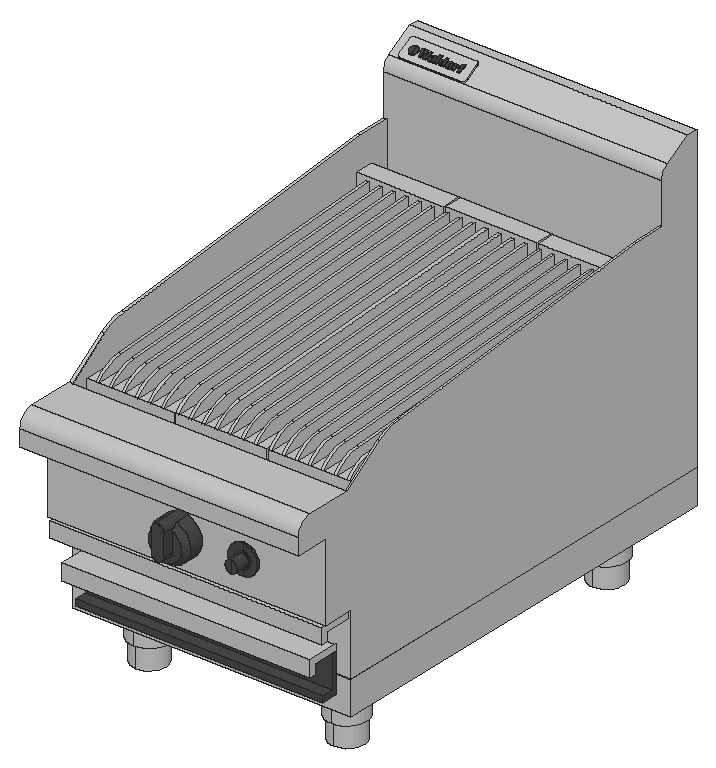
Revit family "QF_MOFFAT WALDORF_CH8450G-B", category Specialty Equipment, Revit 2012
Parameters
  Weight in Pounds = 0
  URL Cutsheet = "www.moffat.com"
  URL = "www.moffat.com"
  Type Mark [instance] = ""
  Status [instance] = ""
  Specification by User [instance] = ""
  Specification by Manufacturer = ""
  Show Logo [instance] = yes
  Serial Number = ""
  Seismic Rating = ""
  SMACNA No = ""
  Revision Code [instance] = ""
  Omniclass Number and Title = ""
  NAFEM Spec ID Number = ""
  Model = "CH8450G-B"
  Mechanical Remarks [instance] = ""
  Mechanical Connection Type [instance] = ""
  Masterspec = ""
  Manufacturer = "MOFFAT WALDORF"
  Item Number [instance] = ""
  Installed By [instance] = ""
  Identify Quantity as Lot [instance] = yes
  Gas Size = 3/4"
  Gas RI Height [instance] = 0 mm
  Gas KW [instance] = 14
  Gas Input [instance] = 45495.0 Btu/h
  Gas Connection Height = 0 mm
  Furnished By [instance] = ""
  Foodservice Equipment Identifier [instance] = yes
  Description = "CHARGRILL BENCH MOUNT"
  CSI MasterFormat = ""
  CSI Master Format = ""
  Body Finish = QF_Finishes_Stainless Steel
Reference planes
  plane 1 "BACK": y = 0
  plane 2: z = 0
  plane 3 "LEFT": x = 0
  plane 4 "RIGHT": x = 450
  plane 5 "FRONT": y = -805
  plane 6 "TOP": z = 630
  plane 7 "Center Y": x = 225
  plane 8 "Center X": y = -402.5
Forms (mm)
  Extrusion 1, solid, material "QF_Finishes_Stainless Steel" <- "Body Finish"
    sketch origin (0, 0, 0) x (0, 1, 0) y (0, 0, 1)
      loop
        line (-805, 391) -> (-805, 366) -> (-749, 366) -> (-749, 240) -> (-699, 240) -> (-699, 140) -> (0, 140) -> (0, 630) -> (-16.5, 630) -> (-58.709, 605.631)
        arc (-58.709, 605.631) -> (-66.975, 597.365) -> (-70, 586.074) r 22.582
        line (-70, 586.074) -> (-70, 375) -> (-705, 375) -> (-705, 415) -> (-781, 415)
        arc (-781, 415) -> (-797.971, 407.971) -> (-805, 391) r 24
      loop
        line (0, 85) -> (0, 139.206) -> (-699, 139.206) -> (-699, 85) -> (0, 85)
    from 0 to 450
  Revolve 2, solid, material "QF_Finishes_Stainless Steel" <- "Body Finish"
    sketch origin (385, -735, 0) x (0, 1, 0) y (0, 0, -1)
      loop
        line (78.25, -85) -> (110, -85) -> (110, 0) -> (82.5, 0) -> (82.5, -35) -> (78.25, -35) -> (78.25, -85)
      axis (110, -85) -> (110, 0)
    angle from 0 to 360
  Revolve 3, solid, material "QF_Finishes_Stainless Steel" <- "Body Finish"
    sketch origin (385, -210, 0) x (0, 1, 0) y (0, 0, -1)
      loop
        line (78.25, -85) -> (110, -85) -> (110, 0) -> (82.5, 0) -> (82.5, -35) -> (78.25, -35) -> (78.25, -85)
      axis (110, -85) -> (110, 0)
    angle from 0 to 360
  Revolve 4, solid, material "QF_Finishes_Stainless Steel" <- "Body Finish"
    sketch origin (65, -735, 0) x (0, 1, 0) y (0, 0, 1)
      loop
        line (78.25, 85) -> (78.25, 35) -> (82.5, 35) -> (82.5, 0) -> (110, 0) -> (110, 85) -> (78.25, 85)
      axis (110, 85) -> (110, 0)
    angle from 0 to 360
  Revolve 5, solid, material "QF_Finishes_Stainless Steel" <- "Body Finish"
    sketch origin (65, -210, 0) x (0, 1, 0) y (0, 0, 1)
      loop
        line (78.25, 85) -> (78.25, 35) -> (82.5, 35) -> (82.5, 0) -> (110, 0) -> (110, 85) -> (78.25, 85)
      axis (110, 85) -> (110, 0)
    angle from 0 to 360
  Extrusion 6, solid, material "QF_Finishes_Stainless Steel" <- "Body Finish"
    sketch origin (0, 0, 0) x (0, 1, 0) y (0, 0, 1)
      loop
        line (-121.455, 519.2) -> (-600.057, 473.116)
        arc (-600.057, 473.116) -> (-620.977, 468.81) -> (-640.506, 460.159) r 100
        line (-640.506, 460.159) -> (-705, 415) -> (-705, 375) -> (-70, 375) -> (-70, 519.2) -> (-121.455, 519.2)
    from 0 to 4.5
  Extrusion 7, solid, material "QF_Finishes_Stainless Steel" <- "Body Finish"
    sketch origin (450, 0, 0) x (0, 1, 0) y (0, 0, -1)
      loop
        line (-121.455, -519.2) -> (-70, -519.2) -> (-70, -375) -> (-705, -375) -> (-705, -415) -> (-640.506, -460.159)
        arc (-640.506, -460.159) -> (-620.977, -468.81) -> (-600.057, -473.116) r 100
        line (-600.057, -473.116) -> (-121.455, -519.2)
    from 0 to 3
  Revolve 8, solid, material "QF_Finishes_Black"
    sketch origin (225, 0, 0) x (0, 1, 0) y (0, 0, 1)
      loop
        line (-782, 329.5) -> (-793, 323.651) -> (-793, 297) -> (-749, 297) -> (-749, 302) -> (-759, 302) -> (-759, 329.5) -> (-782, 329.5)
      axis (-793, 297) -> (-749, 297)
    angle from 0 to 360
  Extrusion 9, solid, material "QF_Finishes_Black"
    sketch origin (86.887, 0, 0) x (1, 0, 0) y (0, 0, 1)
      loop
        line (148.3, 289) -> (148.3, 324)
        arc (148.3, 324) -> (138.3, 334) -> (128.3, 324) r 10
        line (128.3, 324) -> (128.3, 289)
        arc (128.3, 289) -> (138.3, 279) -> (148.3, 289) r 10
    from 759 to 808
  Revolve 10, solid, material "QF_Finishes_Black"
    sketch origin (325.187, 0, 0) x (0, 1, 0) y (0, 0, 1)
      loop
        line (-759, 302) -> (-759, 321) -> (-761.705, 321) -> (-761.705, 309.85) -> (-762.85, 309.85) -> (-762.85, 306.825) -> (-784.88, 306.825) -> (-784.88, 297) -> (-749, 297) -> (-749, 302) -> (-759, 302)
      axis (-749, 297) -> (-784.88, 297)
    angle from 0 to 360
  Extrusion 11, solid, material "QF_Finishes_Stainless Steel"
    sketch origin (276, 0, 0) x (0, 1, 0) y (0, 0, 1)
      loop
        line (-132, 410.364) -> (-132, 462.849) -> (-630.852, 432.53)
        arc (-630.852, 432.53) -> (-656.098, 425.97) -> (-677, 410.364) r 67.81
        line (-677, 410.364) -> (-132, 410.364)
    from 0 to 4.5
  Extrusion 12, solid, material "QF_Finishes_Stainless Steel"
    sketch origin (255, 0, 0) x (0, 1, 0) y (0, 0, 1)
      loop
        line (-132, 410.364) -> (-132, 462.849) -> (-630.852, 432.53)
        arc (-630.852, 432.53) -> (-656.098, 425.97) -> (-677, 410.364) r 67.81
        line (-677, 410.364) -> (-132, 410.364)
    from 0 to 4.5
  Extrusion 13, solid, material "QF_Finishes_Stainless Steel"
    sketch origin (234, 0, 0) x (0, 1, 0) y (0, 0, 1)
      loop
        line (-132, 410.364) -> (-132, 462.849) -> (-630.852, 432.53)
        arc (-630.852, 432.53) -> (-656.098, 425.97) -> (-677, 410.364) r 67.81
        line (-677, 410.364) -> (-132, 410.364)
    from 0 to 4.5
  Extrusion 14, solid, material "QF_Finishes_Stainless Steel"
    sketch origin (213, 0, 0) x (0, 1, 0) y (0, 0, 1)
      loop
        line (-132, 410.364) -> (-132, 462.849) -> (-630.852, 432.53)
        arc (-630.852, 432.53) -> (-656.098, 425.97) -> (-677, 410.364) r 67.81
        line (-677, 410.364) -> (-132, 410.364)
    from 0 to 4.5
  Extrusion 15, solid, material "QF_Finishes_Stainless Steel"
    sketch origin (192, 0, 0) x (0, 1, 0) y (0, 0, 1)
      loop
        line (-132, 410.364) -> (-132, 462.849) -> (-630.852, 432.53)
        arc (-630.852, 432.53) -> (-656.098, 425.97) -> (-677, 410.364) r 67.81
        line (-677, 410.364) -> (-132, 410.364)
    from 0 to 4.5
  Extrusion 16, solid, material "QF_Finishes_Stainless Steel"
    sketch origin (171, 0, 0) x (0, 1, 0) y (0, 0, 1)
      loop
        line (-132, 410.364) -> (-132, 462.849) -> (-630.852, 432.53)
        arc (-630.852, 432.53) -> (-656.098, 425.97) -> (-677, 410.364) r 67.81
        line (-677, 410.364) -> (-132, 410.364)
    from 0 to 4.5
  Extrusion 17, solid, material "QF_Finishes_Stainless Steel"
    sketch origin (150, 0, 0) x (0, 1, 0) y (0, 0, 1)
      loop
        line (-132, 410.364) -> (-132, 462.849) -> (-630.852, 432.53)
        arc (-630.852, 432.53) -> (-656.098, 425.97) -> (-677, 410.364) r 67.81
        line (-677, 410.364) -> (-132, 410.364)
    from 0 to 4.5
  Extrusion 18, solid, material "QF_Finishes_Stainless Steel"
    sketch origin (126, 0, 0) x (0, 1, 0) y (0, 0, 1)
      loop
        line (-132, 410.364) -> (-132, 462.849) -> (-630.852, 432.53)
        arc (-630.852, 432.53) -> (-656.098, 425.97) -> (-677, 410.364) r 67.81
        line (-677, 410.364) -> (-132, 410.364)
    from 0 to 4.5
  Extrusion 19, solid, material "QF_Finishes_Stainless Steel"
    sketch origin (105, 0, 0) x (0, 1, 0) y (0, 0, 1)
      loop
        line (-132, 410.364) -> (-132, 462.849) -> (-630.852, 432.53)
        arc (-630.852, 432.53) -> (-656.098, 425.97) -> (-677, 410.364) r 67.81
        line (-677, 410.364) -> (-132, 410.364)
    from 0 to 4.5
  Extrusion 20, solid, material "QF_Finishes_Stainless Steel"
    sketch origin (84, 0, 0) x (0, 1, 0) y (0, 0, 1)
      loop
        line (-132, 410.364) -> (-132, 462.849) -> (-630.852, 432.53)
        arc (-630.852, 432.53) -> (-656.098, 425.97) -> (-677, 410.364) r 67.81
        line (-677, 410.364) -> (-132, 410.364)
    from 0 to 4.5
  Extrusion 21, solid, material "QF_Finishes_Stainless Steel"
    sketch origin (63, 0, 0) x (0, 1, 0) y (0, 0, 1)
      loop
        line (-132, 410.364) -> (-132, 462.849) -> (-630.852, 432.53)
        arc (-630.852, 432.53) -> (-656.098, 425.97) -> (-677, 410.364) r 67.81
        line (-677, 410.364) -> (-132, 410.364)
    from 0 to 4.5
  Extrusion 22, solid, material "QF_Finishes_Stainless Steel"
    sketch origin (42, 0, 0) x (0, 1, 0) y (0, 0, 1)
      loop
        line (-132, 410.364) -> (-132, 462.849) -> (-630.852, 432.53)
        arc (-630.852, 432.53) -> (-656.098, 425.97) -> (-677, 410.364) r 67.81
        line (-677, 410.364) -> (-132, 410.364)
    from 0 to 4.5
  Extrusion 23, solid, material "QF_Finishes_Stainless Steel"
    sketch origin (21, 0, 0) x (0, 1, 0) y (0, 0, 1)
      loop
        line (-132, 410.364) -> (-132, 462.849) -> (-630.852, 432.53)
        arc (-630.852, 432.53) -> (-656.098, 425.97) -> (-677, 410.364) r 67.81
        line (-677, 410.364) -> (-132, 410.364)
    from 0 to 4.5
  Extrusion 24, solid, material "QF_Finishes_Stainless Steel"
    sketch origin (426, 0, 0) x (0, 1, 0) y (0, 0, 1)
      loop
        line (-132, 410.364) -> (-132, 462.849) -> (-630.852, 432.53)
        arc (-630.852, 432.53) -> (-656.098, 425.97) -> (-677, 410.364) r 67.81
        line (-677, 410.364) -> (-132, 410.364)
    from 0 to 4.5
  Extrusion 25, solid, material "QF_Finishes_Stainless Steel"
    sketch origin (405, 0, 0) x (0, 1, 0) y (0, 0, 1)
      loop
        line (-132, 410.364) -> (-132, 462.849) -> (-630.852, 432.53)
        arc (-630.852, 432.53) -> (-656.098, 425.97) -> (-677, 410.364) r 67.81
        line (-677, 410.364) -> (-132, 410.364)
    from 0 to 4.5
  Extrusion 26, solid, material "QF_Finishes_Stainless Steel"
    sketch origin (384, 0, 0) x (0, 1, 0) y (0, 0, 1)
      loop
        line (-132, 410.364) -> (-132, 462.849) -> (-630.852, 432.53)
        arc (-630.852, 432.53) -> (-656.098, 425.97) -> (-677, 410.364) r 67.81
        line (-677, 410.364) -> (-132, 410.364)
    from 0 to 4.5
  Extrusion 27, solid, material "QF_Finishes_Stainless Steel"
    sketch origin (363, 0, 0) x (0, 1, 0) y (0, 0, 1)
      loop
        line (-132, 410.364) -> (-132, 462.849) -> (-630.852, 432.53)
        arc (-630.852, 432.53) -> (-656.098, 425.97) -> (-677, 410.364) r 67.81
        line (-677, 410.364) -> (-132, 410.364)
    from 0 to 4.5
  Extrusion 28, solid, material "QF_Finishes_Stainless Steel"
    sketch origin (342, 0, 0) x (0, 1, 0) y (0, 0, 1)
      loop
        line (-132, 410.364) -> (-132, 462.849) -> (-630.852, 432.53)
        arc (-630.852, 432.53) -> (-656.098, 425.97) -> (-677, 410.364) r 67.81
        line (-677, 410.364) -> (-132, 410.364)
    from 0 to 4.5
  Extrusion 29, solid, material "QF_Finishes_Stainless Steel"
    sketch origin (321, 0, 0) x (0, 1, 0) y (0, 0, 1)
      loop
        line (-132, 410.364) -> (-132, 462.849) -> (-630.852, 432.53)
        arc (-630.852, 432.53) -> (-656.098, 425.97) -> (-677, 410.364) r 67.81
        line (-677, 410.364) -> (-132, 410.364)
    from 0 to 4.5
  Extrusion 30, solid, material "QF_Finishes_Stainless Steel"
    sketch origin (300, 0, 0) x (0, 1, 0) y (0, 0, 1)
      loop
        line (-132, 410.364) -> (-132, 462.849) -> (-630.852, 432.53)
        arc (-630.852, 432.53) -> (-656.098, 425.97) -> (-677, 410.364) r 67.81
        line (-677, 410.364) -> (-132, 410.364)
    from 0 to 4.5
  Extrusion 31, solid, material "QF_Finishes_Stainless Steel"
    sketch origin (76, 3, -500) x (1, 0, 0) y (0, 1, 0)
      loop
        circle (140, -35) r 13.5
    from 555 to 585
  Extrusion 32, solid, material "QF_Finishes_Black"
    sketch origin (1, 0, 0) x (0, 1, 0) y (0, 0, 1)
      loop
        line (-704, 171.797) -> (-704, 118.047) -> (-724, 118.047) -> (-724, 108.047) -> (-685.346, 108.047) -> (-685.346, 171.797) -> (-704, 171.797)
    from 24.12 to 424
  Extrusion 33, solid, material "QF_Finishes_Stainless Steel"
    sketch origin (0, 0, 0) x (0, 1, 0) y (0, 0, 1)
      loop
        line (-751.27, 211.219) -> (-741.27, 211.219) -> (-741.27, 226.219) -> (-699, 226.219) -> (-699, 236.219) -> (-751.27, 236.219) -> (-751.27, 211.219)
    from 5.013 to 444.987
  Extrusion 34, solid, material "QF_Finishes_Stainless Steel"
    sketch origin (0, 0, -54.422) x (0, 1, 0) y (0, 0, 1)
      loop
        line (-751.27, 211.219) -> (-741.27, 211.219) -> (-741.27, 226.219) -> (-685.346, 226.219) -> (-685.346, 236.219) -> (-751.27, 236.219) -> (-751.27, 211.219)
    from 25.12 to 425
  Extrusion 35, solid, material "QF_Finishes_Stainless Steel"
    sketch origin (0, 0, 0) x (0, 1, 0) y (0, 0, 1)
      loop
        line (-132, 410.364) -> (-677, 410.364) -> (-677, 375) -> (-102, 375) -> (-102, 470) -> (-132, 470) -> (-132, 410.364)
    from 4.5 to 147
  Extrusion 36, solid, material "QF_Finishes_Stainless Steel"
    sketch origin (145.5, 0, 0) x (0, 1, 0) y (0, 0, 1)
      loop
        line (-132, 410.364) -> (-677, 410.364) -> (-677, 375) -> (-102, 375) -> (-102, 470) -> (-132, 470) -> (-132, 410.364)
    from 4.5 to 151.5
  Extrusion 37, solid, material "QF_Finishes_Stainless Steel"
    sketch origin (295.5, 0, 0) x (0, 1, 0) y (0, 0, 1)
      loop
        line (-132, 410.364) -> (-677, 410.364) -> (-677, 375) -> (-102, 375) -> (-102, 470) -> (-132, 470) -> (-132, 410.364)
    from 4.5 to 151.5
Cuts and joins
  joined: Revolve 8, Extrusion 9
  joined: Extrusion 1, Extrusion 6, Extrusion 7
Lines and regions (mm)
  Split face 1
    outline origin (450, -699, 240) x (-1, 0, 0) y (0, 0, -1)
      loop
        line (424.88, 98.75) -> (24.993, 98.75) -> (24.993, 1.25) -> (424.88, 1.25) -> (424.88, 98.75)
  symbolic lines
    curve 1: line (0, 0, 0) -> (0, -805, 0)
    curve 2: line (450, 0, 0) -> (0, 0, 0)
    curve 3: line (450, -805, 0) -> (450, 0, 0)
    curve 4: line (0, -70, 0) -> (450, -70, 0)
    curve 5: line (0, -805, 0) -> (450, -805, 0)
    curve 6: line (12.5, -51.234, 0) -> (12.5, -20.958, 0)
    curve 7: line (12.5, -20.958, 0) -> (121.5, -20.958, 0)
    curve 8: line (12.5, -51.234, 0) -> (121.5, -51.234, 0)
    curve 9: line (121.5, -20.958, 0) -> (121.5, -51.234, 0)
    curve 10: line (447, -705, 0) -> (4.5, -705, 0)
    curve 11: line (4.5, -705, 0) -> (4.5, -70, 0)
    curve 12: line (447, -70, 0) -> (447, -705, 0)
Dimensions and locks
  equal spacing: plane 3 "LEFT", plane 7 "Center Y", plane 4 "RIGHT"
  plane 3 "LEFT" to plane 4 "RIGHT" = 450 mm
  equal spacing: plane 5 "FRONT", plane 8 "Center X", plane 1 "BACK"
  plane 5 "FRONT" to plane 1 "BACK" = 805 mm  (x2)
  equal spacing: plane 4 "RIGHT", plane 7 "Center Y", plane 3 "LEFT"
  plane 4 "RIGHT" to plane 3 "LEFT" = 450 mm
  plane 6 "TOP" to level = 630 mm  (x2)
  Extrusion 31 to level = 55 mm
  Extrusion 31 to plane 1 "BACK" = 32 mm
  cut or joined group of Extrusion 1, Extrusion 6, Extrusion 7 to plane 1 "BACK" = 70 mm
  cut or joined group of Extrusion 1, Extrusion 6, Extrusion 7 to level = 415 mm
  level to cut or joined group of Extrusion 1, Extrusion 6, Extrusion 7 = 85 mm
  aligned and locked: level to plane 2
  aligned and locked: curve 3 to plane 4 "RIGHT"
  aligned and locked: Extrusion 32 to Extrusion 34
Automatic sketch dimensions
  plane 1 "BACK" to curve 1 = 0 mm
  curve 1 to plane 3 "LEFT" = 0 mm
  plane 5 "FRONT" to curve 5 = 0 mm
  plane 3 "LEFT" to curve 8 = 12.5 mm
  plane 1 "BACK" to curve 9 = 20.958 mm
  curve 6 to curve 9 = 109 mm
  curve 4 to curve 6 = 49.042 mm
  curve 4 to curve 6 = 18.766 mm
  Extrusion 1 sketch curve to plane 5 "FRONT" = 0 mm
  Extrusion 1 sketch curve to plane 6 "TOP" = 0 mm
  Extrusion 1 sketch curve to plane 1 "BACK" = 0 mm  (x2)
  Extrusion 1 sketch curve to Extrusion 1 sketch curve = 24 mm
  Extrusion 1 sketch curve to plane 5 "FRONT" = 56 mm
  Extrusion 1 sketch curve to Extrusion 1 sketch curve = 44 mm
  Extrusion 1 sketch curve to Extrusion 1 sketch curve = 50 mm
  Extrusion 1 sketch curve to Extrusion 1 sketch curve = 0 mm
  plane 1 "BACK" to Extrusion 1 sketch curve = 70 mm
  Extrusion 1 sketch curve to Extrusion 1 sketch curve = 11.291 mm
  Extrusion 1 sketch curve to Extrusion 1 sketch curve = 22.582 mm
  plane 1 "BACK" to Extrusion 1 sketch curve = 16.5 mm
  Extrusion 1 sketch curve to plane 6 "TOP" = 24.369 mm
  Extrusion 1 sketch curve to plane 6 "TOP" = 215 mm
  Extrusion 1 sketch curve to Extrusion 1 sketch curve = 211.074 mm
  Extrusion 1 sketch curve to Extrusion 1 sketch curve = 25 mm
  Extrusion 1 sketch curve to Extrusion 1 sketch curve = 135 mm
  Extrusion 1 sketch curve to Extrusion 1 sketch curve = 100 mm
  Extrusion 1 sketch curve to Extrusion 1 sketch curve = 0.794 mm
  Extrusion 1 sketch curve to Extrusion 1 sketch curve = 54.206 mm
  Revolve 2 sketch curve to level = 0 mm
  Revolve 2 sketch curve to Revolve 2 sketch curve = 4.25 mm
  Revolve 2 sketch curve to Revolve 2 sketch curve = 31.75 mm
  Revolve 2 sketch curve to Revolve 2 sketch curve = 0 mm
  level to Revolve 2 sketch curve = 35 mm
  Revolve 2 sketch curve to Revolve 2 sketch curve = 15 mm
  Revolve 2 sketch curve to Revolve 2 sketch curve = 35 mm
  Revolve 2 sketch curve to Revolve 2 sketch curve = 55 mm
  Revolve 3 sketch curve to level = 0 mm
  Revolve 3 sketch curve to Revolve 3 sketch curve = 4.25 mm
  Revolve 3 sketch curve to Revolve 3 sketch curve = 31.75 mm
  Revolve 3 sketch curve to Revolve 3 sketch curve = 0 mm
  level to Revolve 3 sketch curve = 35 mm
  Revolve 3 sketch curve to Revolve 3 sketch curve = 15 mm
  Revolve 3 sketch curve to Revolve 3 sketch curve = 35 mm
  Revolve 3 sketch curve to Revolve 3 sketch curve = 55 mm
  Revolve 4 sketch curve to level = 0 mm
  Revolve 4 sketch curve to Revolve 4 sketch curve = 4.25 mm
  Revolve 4 sketch curve to Revolve 4 sketch curve = 31.75 mm
  Revolve 4 sketch curve to Revolve 4 sketch curve = 0 mm
  Revolve 4 sketch curve to Revolve 4 sketch curve = 55 mm
  level to Revolve 4 sketch curve = 35 mm
  Revolve 4 sketch curve to Revolve 4 sketch curve = 15 mm
  Revolve 4 sketch curve to Revolve 4 sketch curve = 50 mm
  Revolve 5 sketch curve to level = 0 mm
  Revolve 5 sketch curve to Revolve 5 sketch curve = 4.25 mm
  Revolve 5 sketch curve to Revolve 5 sketch curve = 31.75 mm
  Revolve 5 sketch curve to Revolve 5 sketch curve = 0 mm
  Revolve 5 sketch curve to Revolve 5 sketch curve = 55 mm
  level to Revolve 5 sketch curve = 35 mm
  Revolve 5 sketch curve to Revolve 5 sketch curve = 15 mm
  Revolve 5 sketch curve to Revolve 5 sketch curve = 50 mm
  Extrusion 6 sketch curve to plane 5 "FRONT" = 100 mm
  Extrusion 6 sketch curve to Extrusion 6 sketch curve = 64.494 mm
  Extrusion 6 sketch curve to Extrusion 6 sketch curve = 40.449 mm
  Extrusion 6 sketch curve to Extrusion 6 sketch curve = 9.585 mm
  plane 1 "BACK" to Extrusion 6 sketch curve = 121.455 mm
  Extrusion 6 sketch curve to Extrusion 6 sketch curve = 51.455 mm
  Extrusion 6 sketch curve to plane 6 "TOP" = 256.424 mm
  Extrusion 6 sketch curve to Extrusion 6 sketch curve = 1.424 mm
  Extrusion 6 sketch curve to Extrusion 6 sketch curve = 40 mm
  Extrusion 6 sketch curve to Extrusion 6 sketch curve = 45.159 mm
  Extrusion 6 sketch curve to plane 6 "TOP" = 110.8 mm
  Extrusion 7 sketch curve to plane 5 "FRONT" = 100 mm
  Extrusion 7 sketch curve to Extrusion 7 sketch curve = 64.494 mm
  Extrusion 7 sketch curve to Extrusion 7 sketch curve = 40.449 mm
  Extrusion 7 sketch curve to Extrusion 7 sketch curve = 9.585 mm
  plane 1 "BACK" to Extrusion 7 sketch curve = 121.455 mm
  Extrusion 7 sketch curve to Extrusion 7 sketch curve = 51.455 mm
  Extrusion 7 sketch curve to plane 6 "TOP" = 110.8 mm
  Extrusion 7 sketch curve to plane 6 "TOP" = 156.884 mm
  Extrusion 7 sketch curve to Extrusion 7 sketch curve = 12.957 mm
  Extrusion 7 sketch curve to Extrusion 7 sketch curve = 45.159 mm
  Extrusion 7 sketch curve to Extrusion 7 sketch curve = 40 mm
  Revolve 8 sketch curve to plane 5 "FRONT" = 12 mm
  Revolve 8 sketch curve to Revolve 8 sketch curve = 0 mm  (x2)
  Revolve 8 sketch curve to Revolve 8 sketch curve = 11 mm
  Revolve 8 sketch curve to Revolve 8 sketch curve = 12.7 mm
  Revolve 8 sketch curve to Revolve 8 sketch curve = 23 mm
  Revolve 8 sketch curve to Revolve 8 sketch curve = 10 mm
  Revolve 8 sketch curve to plane 6 "TOP" = 333 mm
  Revolve 8 sketch curve to Revolve 8 sketch curve = 5 mm
  Revolve 8 sketch curve to Revolve 8 sketch curve = 26.651 mm
  Revolve 8 sketch curve to Revolve 8 sketch curve = 5.849 mm
  plane 3 "LEFT" to Extrusion 9 sketch curve = 215.187 mm
  Extrusion 9 sketch curve to Extrusion 9 sketch curve = 10 mm
  Extrusion 9 sketch curve to plane 6 "TOP" = 341 mm
  Extrusion 9 sketch curve to Extrusion 9 sketch curve = 35 mm
  Revolve 10 sketch curve to plane 5 "FRONT" = 20.12 mm
  Revolve 10 sketch curve to Revolve 10 sketch curve = 6.83 mm
  Revolve 10 sketch curve to Revolve 10 sketch curve = 15.2 mm
  Revolve 10 sketch curve to Revolve 10 sketch curve = 1.144 mm
  Revolve 10 sketch curve to Revolve 10 sketch curve = 3.85 mm
  Revolve 10 sketch curve to Revolve 10 sketch curve = 0 mm  (x2)
  Revolve 10 sketch curve to Revolve 10 sketch curve = 10 mm
  Revolve 10 sketch curve to plane 6 "TOP" = 333 mm
  Revolve 10 sketch curve to Revolve 10 sketch curve = 5 mm
  Revolve 10 sketch curve to Revolve 10 sketch curve = 4.825 mm
  Revolve 10 sketch curve to Revolve 10 sketch curve = 3.025 mm
  Revolve 10 sketch curve to Revolve 10 sketch curve = 11.15 mm
  Extrusion 11 sketch curve to plane 5 "FRONT" = 128 mm
  Extrusion 11 sketch curve to Extrusion 11 sketch curve = 46.148 mm
  Extrusion 11 sketch curve to Extrusion 11 sketch curve = 4.114 mm
  plane 1 "BACK" to Extrusion 11 sketch curve = 132 mm
  Extrusion 11 sketch curve to plane 6 "TOP" = 265.155 mm
  Extrusion 11 sketch curve to plane 6 "TOP" = 219.636 mm
  Extrusion 11 sketch curve to Extrusion 11 sketch curve = 52.486 mm
  Extrusion 12 sketch curve to plane 5 "FRONT" = 128 mm
  Extrusion 12 sketch curve to Extrusion 12 sketch curve = 46.148 mm
  Extrusion 12 sketch curve to Extrusion 12 sketch curve = 4.114 mm
  plane 1 "BACK" to Extrusion 12 sketch curve = 132 mm
  Extrusion 12 sketch curve to plane 6 "TOP" = 265.155 mm
  Extrusion 12 sketch curve to plane 6 "TOP" = 219.636 mm
  Extrusion 12 sketch curve to Extrusion 12 sketch curve = 52.486 mm
  Extrusion 13 sketch curve to plane 5 "FRONT" = 128 mm
  Extrusion 13 sketch curve to Extrusion 13 sketch curve = 46.148 mm
  Extrusion 13 sketch curve to Extrusion 13 sketch curve = 4.114 mm
  plane 1 "BACK" to Extrusion 13 sketch curve = 132 mm
  Extrusion 13 sketch curve to plane 6 "TOP" = 265.155 mm
  Extrusion 13 sketch curve to plane 6 "TOP" = 219.636 mm
  Extrusion 13 sketch curve to Extrusion 13 sketch curve = 52.486 mm
  Extrusion 14 sketch curve to plane 5 "FRONT" = 128 mm
  Extrusion 14 sketch curve to Extrusion 14 sketch curve = 46.148 mm
  Extrusion 14 sketch curve to Extrusion 14 sketch curve = 4.114 mm
  plane 1 "BACK" to Extrusion 14 sketch curve = 132 mm
  Extrusion 14 sketch curve to plane 6 "TOP" = 265.155 mm
  Extrusion 14 sketch curve to plane 6 "TOP" = 219.636 mm
  Extrusion 14 sketch curve to Extrusion 14 sketch curve = 52.486 mm
  Extrusion 15 sketch curve to plane 5 "FRONT" = 128 mm
  Extrusion 15 sketch curve to Extrusion 15 sketch curve = 46.148 mm
  Extrusion 15 sketch curve to Extrusion 15 sketch curve = 4.114 mm
  plane 1 "BACK" to Extrusion 15 sketch curve = 132 mm
  Extrusion 15 sketch curve to plane 6 "TOP" = 265.155 mm
  Extrusion 15 sketch curve to plane 6 "TOP" = 219.636 mm
  Extrusion 15 sketch curve to Extrusion 15 sketch curve = 52.486 mm
  Extrusion 16 sketch curve to plane 5 "FRONT" = 128 mm
  Extrusion 16 sketch curve to Extrusion 16 sketch curve = 46.148 mm
  Extrusion 16 sketch curve to Extrusion 16 sketch curve = 4.114 mm
  plane 1 "BACK" to Extrusion 16 sketch curve = 132 mm
  Extrusion 16 sketch curve to plane 6 "TOP" = 265.155 mm
  Extrusion 16 sketch curve to plane 6 "TOP" = 219.636 mm
  Extrusion 16 sketch curve to Extrusion 16 sketch curve = 52.486 mm
  Extrusion 17 sketch curve to plane 5 "FRONT" = 128 mm
  Extrusion 17 sketch curve to Extrusion 17 sketch curve = 46.148 mm
  Extrusion 17 sketch curve to Extrusion 17 sketch curve = 4.114 mm
  plane 1 "BACK" to Extrusion 17 sketch curve = 132 mm
  Extrusion 17 sketch curve to plane 6 "TOP" = 265.155 mm
  Extrusion 17 sketch curve to plane 6 "TOP" = 219.636 mm
  Extrusion 17 sketch curve to Extrusion 17 sketch curve = 52.486 mm
  Extrusion 18 sketch curve to plane 5 "FRONT" = 128 mm
  Extrusion 18 sketch curve to Extrusion 18 sketch curve = 46.148 mm
  Extrusion 18 sketch curve to Extrusion 18 sketch curve = 4.114 mm
  plane 1 "BACK" to Extrusion 18 sketch curve = 132 mm
  Extrusion 18 sketch curve to plane 6 "TOP" = 265.155 mm
  Extrusion 18 sketch curve to plane 6 "TOP" = 219.636 mm
  Extrusion 18 sketch curve to Extrusion 18 sketch curve = 52.486 mm
  Extrusion 19 sketch curve to plane 5 "FRONT" = 128 mm
  Extrusion 19 sketch curve to Extrusion 19 sketch curve = 46.148 mm
  Extrusion 19 sketch curve to Extrusion 19 sketch curve = 4.114 mm
  plane 1 "BACK" to Extrusion 19 sketch curve = 132 mm
  Extrusion 19 sketch curve to plane 6 "TOP" = 265.155 mm
  Extrusion 19 sketch curve to plane 6 "TOP" = 219.636 mm
  Extrusion 19 sketch curve to Extrusion 19 sketch curve = 52.486 mm
  Extrusion 20 sketch curve to plane 5 "FRONT" = 128 mm
  Extrusion 20 sketch curve to Extrusion 20 sketch curve = 46.148 mm
  Extrusion 20 sketch curve to Extrusion 20 sketch curve = 4.114 mm
  plane 1 "BACK" to Extrusion 20 sketch curve = 132 mm
  Extrusion 20 sketch curve to plane 6 "TOP" = 265.155 mm
  Extrusion 20 sketch curve to plane 6 "TOP" = 219.636 mm
  Extrusion 20 sketch curve to Extrusion 20 sketch curve = 52.486 mm
  Extrusion 21 sketch curve to plane 5 "FRONT" = 128 mm
  Extrusion 21 sketch curve to Extrusion 21 sketch curve = 46.148 mm
  Extrusion 21 sketch curve to Extrusion 21 sketch curve = 4.114 mm
  plane 1 "BACK" to Extrusion 21 sketch curve = 132 mm
  Extrusion 21 sketch curve to plane 6 "TOP" = 265.155 mm
  Extrusion 21 sketch curve to plane 6 "TOP" = 219.636 mm
  Extrusion 21 sketch curve to Extrusion 21 sketch curve = 52.486 mm
  Extrusion 22 sketch curve to plane 5 "FRONT" = 128 mm
  Extrusion 22 sketch curve to Extrusion 22 sketch curve = 46.148 mm
  Extrusion 22 sketch curve to Extrusion 22 sketch curve = 4.114 mm
  plane 1 "BACK" to Extrusion 22 sketch curve = 132 mm
  Extrusion 22 sketch curve to plane 6 "TOP" = 265.155 mm
  Extrusion 22 sketch curve to plane 6 "TOP" = 219.636 mm
  Extrusion 22 sketch curve to Extrusion 22 sketch curve = 52.486 mm
  Extrusion 23 sketch curve to plane 5 "FRONT" = 128 mm
  Extrusion 23 sketch curve to Extrusion 23 sketch curve = 46.148 mm
  Extrusion 23 sketch curve to Extrusion 23 sketch curve = 4.114 mm
  plane 1 "BACK" to Extrusion 23 sketch curve = 132 mm
  Extrusion 23 sketch curve to plane 6 "TOP" = 265.155 mm
  Extrusion 23 sketch curve to plane 6 "TOP" = 219.636 mm
  Extrusion 23 sketch curve to Extrusion 23 sketch curve = 52.486 mm
  Extrusion 24 sketch curve to plane 5 "FRONT" = 128 mm
  Extrusion 24 sketch curve to Extrusion 24 sketch curve = 46.148 mm
  Extrusion 24 sketch curve to Extrusion 24 sketch curve = 4.114 mm
  plane 1 "BACK" to Extrusion 24 sketch curve = 132 mm
  Extrusion 24 sketch curve to plane 6 "TOP" = 265.155 mm
  Extrusion 24 sketch curve to plane 6 "TOP" = 219.636 mm
  Extrusion 24 sketch curve to Extrusion 24 sketch curve = 52.486 mm
  Extrusion 25 sketch curve to plane 5 "FRONT" = 128 mm
  Extrusion 25 sketch curve to Extrusion 25 sketch curve = 46.148 mm
  Extrusion 25 sketch curve to Extrusion 25 sketch curve = 4.114 mm
  plane 1 "BACK" to Extrusion 25 sketch curve = 132 mm
  Extrusion 25 sketch curve to plane 6 "TOP" = 265.155 mm
  Extrusion 25 sketch curve to plane 6 "TOP" = 219.636 mm
  Extrusion 25 sketch curve to Extrusion 25 sketch curve = 52.486 mm
  Extrusion 26 sketch curve to plane 5 "FRONT" = 128 mm
  Extrusion 26 sketch curve to Extrusion 26 sketch curve = 46.148 mm
  Extrusion 26 sketch curve to Extrusion 26 sketch curve = 4.114 mm
  plane 1 "BACK" to Extrusion 26 sketch curve = 132 mm
  Extrusion 26 sketch curve to plane 6 "TOP" = 265.155 mm
  Extrusion 26 sketch curve to plane 6 "TOP" = 219.636 mm
  Extrusion 26 sketch curve to Extrusion 26 sketch curve = 52.486 mm
  Extrusion 27 sketch curve to plane 5 "FRONT" = 128 mm
  Extrusion 27 sketch curve to Extrusion 27 sketch curve = 46.148 mm
  Extrusion 27 sketch curve to Extrusion 27 sketch curve = 4.114 mm
  plane 1 "BACK" to Extrusion 27 sketch curve = 132 mm
  Extrusion 27 sketch curve to plane 6 "TOP" = 265.155 mm
  Extrusion 27 sketch curve to plane 6 "TOP" = 219.636 mm
  Extrusion 27 sketch curve to Extrusion 27 sketch curve = 52.486 mm
  Extrusion 28 sketch curve to plane 5 "FRONT" = 128 mm
  Extrusion 28 sketch curve to Extrusion 28 sketch curve = 46.148 mm
  Extrusion 28 sketch curve to Extrusion 28 sketch curve = 4.114 mm
  plane 1 "BACK" to Extrusion 28 sketch curve = 132 mm
  Extrusion 28 sketch curve to plane 6 "TOP" = 265.155 mm
  Extrusion 28 sketch curve to plane 6 "TOP" = 219.636 mm
  Extrusion 28 sketch curve to Extrusion 28 sketch curve = 52.486 mm
  Extrusion 29 sketch curve to plane 5 "FRONT" = 128 mm
  Extrusion 29 sketch curve to Extrusion 29 sketch curve = 46.148 mm
  Extrusion 29 sketch curve to Extrusion 29 sketch curve = 4.114 mm
  plane 1 "BACK" to Extrusion 29 sketch curve = 132 mm
  Extrusion 29 sketch curve to plane 6 "TOP" = 265.155 mm
  Extrusion 29 sketch curve to plane 6 "TOP" = 219.636 mm
  Extrusion 29 sketch curve to Extrusion 29 sketch curve = 52.486 mm
  Extrusion 30 sketch curve to plane 5 "FRONT" = 128 mm
  Extrusion 30 sketch curve to Extrusion 30 sketch curve = 46.148 mm
  Extrusion 30 sketch curve to Extrusion 30 sketch curve = 4.114 mm
  plane 1 "BACK" to Extrusion 30 sketch curve = 132 mm
  Extrusion 30 sketch curve to plane 6 "TOP" = 265.155 mm
  Extrusion 30 sketch curve to plane 6 "TOP" = 219.636 mm
  Extrusion 30 sketch curve to Extrusion 30 sketch curve = 52.486 mm
  plane 1 "BACK" to Extrusion 31 sketch curve = 32 mm
  Extrusion 31 sketch curve to plane 7 "Center Y" = 9 mm
  Extrusion 32 sketch curve to plane 5 "FRONT" = 81 mm
  Extrusion 32 sketch curve to Extrusion 32 sketch curve = 20 mm
  Extrusion 32 sketch curve to Extrusion 32 sketch curve = 18.654 mm
  Extrusion 32 sketch curve to plane 6 "TOP" = 521.953 mm
  Extrusion 32 sketch curve to Extrusion 32 sketch curve = 10 mm
  Extrusion 32 sketch curve to Extrusion 32 sketch curve = 53.75 mm
  Extrusion 33 sketch curve to plane 5 "FRONT" = 53.73 mm
  Extrusion 33 sketch curve to Extrusion 33 sketch curve = 10 mm  (x2)
  Extrusion 33 sketch curve to Extrusion 33 sketch curve = 42.27 mm
  Extrusion 33 sketch curve to plane 6 "TOP" = 418.781 mm
  Extrusion 33 sketch curve to Extrusion 33 sketch curve = 15 mm
  Split face 1 sketch curve to cut or joined group of Extrusion 1, Extrusion 6, Extrusion 7 = 1.25 mm
  Split face 1 sketch curve to cut or joined group of Extrusion 1, Extrusion 6, Extrusion 7 = 24.993 mm
  cut or joined group of Extrusion 1, Extrusion 6, Extrusion 7 to Split face 1 sketch curve = 1.25 mm
  Split face 1 sketch curve to cut or joined group of Extrusion 1, Extrusion 6, Extrusion 7 = 25.12 mm
  Extrusion 34 sketch curve to plane 5 "FRONT" = 53.73 mm
  Extrusion 34 sketch curve to Extrusion 34 sketch curve = 10 mm  (x2)
  Extrusion 34 sketch curve to Extrusion 34 sketch curve = 55.924 mm
  Extrusion 34 sketch curve to plane 6 "TOP" = 473.203 mm
  Extrusion 34 sketch curve to Extrusion 34 sketch curve = 15 mm
  Extrusion 35 sketch curve to plane 5 "FRONT" = 128 mm
  plane 1 "BACK" to Extrusion 35 sketch curve = 132 mm
  Extrusion 35 sketch curve to Extrusion 35 sketch curve = 30 mm
  Extrusion 35 sketch curve to plane 6 "TOP" = 255 mm
  Extrusion 35 sketch curve to Extrusion 35 sketch curve = 35.364 mm
  Extrusion 35 sketch curve to Extrusion 35 sketch curve = 59.636 mm
  Extrusion 36 sketch curve to plane 5 "FRONT" = 128 mm
  plane 1 "BACK" to Extrusion 36 sketch curve = 132 mm
  Extrusion 36 sketch curve to Extrusion 36 sketch curve = 30 mm
  Extrusion 36 sketch curve to plane 6 "TOP" = 255 mm
  Extrusion 36 sketch curve to Extrusion 36 sketch curve = 35.364 mm
  Extrusion 36 sketch curve to Extrusion 36 sketch curve = 59.636 mm
  Extrusion 37 sketch curve to plane 5 "FRONT" = 128 mm
  plane 1 "BACK" to Extrusion 37 sketch curve = 132 mm
  Extrusion 37 sketch curve to Extrusion 37 sketch curve = 30 mm
  Extrusion 37 sketch curve to plane 6 "TOP" = 255 mm
  Extrusion 37 sketch curve to Extrusion 37 sketch curve = 35.364 mm
  Extrusion 37 sketch curve to Extrusion 37 sketch curve = 59.636 mm
  plane 3 "LEFT" to curve 11 = 4.5 mm
  plane 4 "RIGHT" to curve 10 = 3 mm
  curve 10 to plane 5 "FRONT" = 100 mm
  Revolve 2 sketch curve to plane 5 "FRONT" = 148.25 mm
  Revolve 4 sketch curve to plane 5 "FRONT" = 148.25 mm
  plane 1 "BACK" to Revolve 3 sketch curve = 131.75 mm
  plane 1 "BACK" to Revolve 5 sketch curve = 131.75 mm
  radius of Extrusion 31 sketch curve = 13.5 mm
Nested families
  nested 1: "WALDORF LOGO_FACE BASE" at (12.5, -28.954, 622.809) x (1, 0, 0) z (0, -0.5, 0.866), visible <- "Show Logo", type "WALDORF LOGO_FACE BASE", detail levels medium+fine
    with Show Logo yes
Connectors
  piping at (216, -32, 55)
    settings: on Extrusion 31, index 1, connector radius 0.37402", flow factor 0, pipe flow 0 GPM, pressure drop 0.00 psi, fitting loss kfactor 0, connector angle 0.00°, fixture units 0, engagement length 0 mm, flow configuration 1, flow direction 1, fitting loss method 0, system type 7, joint type 0, gender type 0, connector reference index -1, connector utility 0, adjustable connector no, is connector primary yes, fitting loss table "", connector description "GAS CONNECTION"
Definition of nested family "WALDORF LOGO_FACE BASE"
  Parameters (values of type "WALDORF LOGO_FACE BASE")
    Show Logo [instance] = yes
    Default Elevation = 1219.2 mm
  Reference planes
    plane 1 "Center (Front/Back)": y = 0
    plane 2: z = 0
    plane 3 "Center (Left/Right)": x = 0
  Forms (mm)
    Extrusion 1, solid
      sketch origin (0, 0, 0) x (1, 0, 0) y (0, 1, 0)
        loop
          line (-1219.2, 1219.2) -> (-1219.2, -1219.2) -> (1219.2, -1219.2) -> (1219.2, 1219.2) -> (-1219.2, 1219.2)
      from 0 to -304.8
    Extrusion 2, solid, material "QF_Finishes_Stainless Steel", visible <- "Show Logo"
      sketch origin (0, -33.217, 0) x (1, 0, 0) y (0, 1, 0)
        loop
          arc (5, 34.14) -> (1.464, 32.676) -> (0, 29.14) r 5
          line (0, 29.14) -> (0, 5)
          arc (0, 5) -> (1.464, 1.464) -> (5, 0) r 5
          line (5, 0) -> (104, 0)
          arc (104, 0) -> (107.536, 1.464) -> (109, 5) r 5
          line (109, 5) -> (109, 29.14)
          arc (109, 29.14) -> (107.536, 32.676) -> (104, 34.14) r 5
          line (104, 34.14) -> (5, 34.14)
      from 0 to 1.588
    Extrusion 3, solid, material "QF_Finishes_Black", visible <- "Show Logo"
      sketch origin (0, -33.217, 1.588) x (1, 0, 0) y (0, 1, 0)
        loop
          line (24.772, 23.214) -> (27.992, 10.301) -> (31.551, 10.301) -> (33.443, 17.364) -> (35.205, 10.301) -> (39.332, 10.301) -> (42.077, 23.214) -> (38.352, 23.214) -> (36.676, 15.33) -> (35, 23.214) -> (31.752, 23.214) -> (30.076, 15.33) -> (28.4, 23.214) -> (24.772, 23.214)
        loop
          line (42.272, 17.055) -> (45.703, 17.055)
          spline (45.703, 17.055) -> (45.741, 17.285) -> (45.852, 17.499) -> (46.028, 17.682) -> (46.258, 17.823) -> (46.526, 17.912) -> (46.813, 17.942) -> (47.1, 17.912) -> (47.368, 17.823) -> (47.597, 17.682) -> (47.774, 17.499) -> (47.884, 17.285) -> (47.922, 17.055)
          line (47.922, 17.055) -> (47.922, 16.222)
          arc (47.922, 16.222) -> (45.742, 16.014) -> (43.665, 15.317) r 9.604
          arc (43.665, 15.317) -> (41.924, 12.809) -> (43.665, 10.301) r 2.677
          arc (43.665, 10.301) -> (45.527, 10.353) -> (47.332, 10.816) r 8.365
          line (47.332, 10.816) -> (48.092, 11.105) -> (48.092, 10.301) -> (51.817, 10.301) -> (51.817, 17.055)
          spline (51.817, 17.055) -> (51.654, 17.821) -> (51.178, 18.535) -> (50.419, 19.148) -> (49.431, 19.619) -> (48.28, 19.914) -> (47.044, 20.015) -> (45.809, 19.914) -> (44.658, 19.619) -> (43.67, 19.148) -> (42.911, 18.535) -> (42.434, 17.821) -> (42.272, 17.055)
        loop
          line (53.151, 23.214) -> (53.151, 10.301) -> (57.37, 10.301) -> (57.37, 23.214) -> (53.151, 23.214)
        loop
          line (64.874, 23.214) -> (64.874, 18.857)
          arc (64.874, 18.857) -> (58.083, 15.11) -> (64.874, 11.363) r 4.429
          line (64.874, 11.363) -> (64.874, 10.301) -> (68.378, 10.301) -> (68.378, 23.214) -> (64.874, 23.214)
        loop
          arc (64.874, 16.083) -> (61.41, 14.987) -> (64.874, 13.891) r 1.905
          line (64.874, 13.891) -> (64.874, 16.083)
        loop
          circle (74.623, 15.223) r 5
        loop
          spline (74.623, 17.856) -> (74.355, 17.766) -> (74.105, 17.503) -> (73.891, 17.084) -> (73.726, 16.539) -> (73.623, 15.904) -> (73.588, 15.223) -> (73.623, 14.541) -> (73.726, 13.906) -> (73.891, 13.361) -> (74.105, 12.942) -> (74.355, 12.679) -> (74.623, 12.59)
          spline (74.623, 12.59) -> (74.891, 12.679) -> (75.141, 12.942) -> (75.355, 13.361) -> (75.52, 13.906) -> (75.623, 14.541) -> (75.659, 15.223) -> (75.623, 15.904) -> (75.52, 16.539) -> (75.355, 17.084) -> (75.141, 17.503) -> (74.891, 17.766) -> (74.623, 17.856)
        loop
          line (81.255, 19.813) -> (81.255, 10.301) -> (84.834, 10.301) -> (84.834, 14.176)
          arc (84.834, 14.176) -> (85.854, 16.093) -> (88.013, 16.32) r 2.313
          line (88.013, 16.32) -> (88.013, 19.813) -> (87.161, 19.813)
          arc (87.161, 19.813) -> (85.526, 19.266) -> (84.549, 17.844) r 2.717
          line (84.549, 17.844) -> (84.549, 19.813) -> (81.255, 19.813)
        loop
          line (90.249, 19.813) -> (88.91, 19.813) -> (88.91, 17.614) -> (90.249, 17.614) -> (90.249, 10.301) -> (93.998, 10.301) -> (93.998, 17.614) -> (95.418, 17.614) -> (95.418, 19.813) -> (93.998, 19.813)
          arc (93.998, 19.813) -> (94.414, 20.817) -> (95.418, 21.233) r 1.42
          line (95.418, 21.233) -> (95.418, 23.602) -> (93.317, 23.602)
          arc (93.317, 23.602) -> (91.343, 22.903) -> (90.249, 21.118) r 3.137
          line (90.249, 21.118) -> (90.249, 19.813)
        loop
          arc (15.241, 23.571) -> (8.392, 16.525) -> (15.241, 9.479) r 7.049
          line (15.241, 9.479) -> (15.241, 23.571)
        loop
          line (15.641, 23.571) -> (15.641, 9.479)
          arc (15.641, 9.479) -> (22.49, 16.525) -> (15.641, 23.571) r 7.049
        loop
          arc (47.922, 14.711) -> (46.266, 13.749) -> (47.922, 12.787) r 1.107
          line (47.922, 12.787) -> (47.922, 14.711)
      from 0 to 0.2
  Dimensions and locks
    aligned and locked: plane 2 to Extrusion 1
    aligned and locked: level to Extrusion 1
